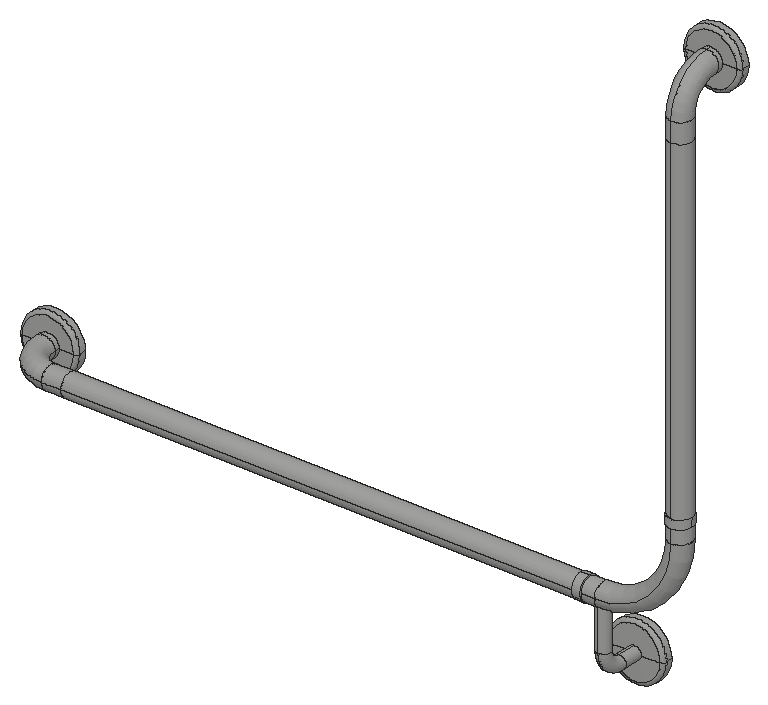
Revit family "RBA4806-901", category Plumbing Fixtures, Revit 2021
Family settings
  Round Connector Dimension = Use Diameter
  Part Type = Normal
  Work Plane-Based = No
  Always vertical = Yes
  Cut with Voids When Loaded = No
  Shared = No
  Room Calculation Point = No
Parameters
  Watermarked By = "www.rba.com.au"
  URL = "www.rba.com.au"
  R_Void [instance] = 15.00 mm
  R [instance] = 0.00 mm
  Phone Number = ""
  Modified Issue = "20180918.01"
  Model = "RBA4090-901"
  Materials and Finishes = Brushed Gunmetal
  Manufacturer Model = "B819436"
  Manufacturer = "RBA Group"
  Description = "90° Angled Grab Rails"
  Default Elevation = 0.00 mm
  Copyrighted by = "RBA Group"  # constant formula
  Assembly Code = ""
Reference planes
  plane 1 "Center (Front/Back)": y = 0
  plane 2: z = 0
  plane 3: x = 40.5
  plane 4: z = -30
  plane 5: z = 30
  plane 6: x = 70.5
  plane 7: x = 10.5
  plane 8: x = 990.5
  plane 9: x = 515.5
  plane 10: z = 670
  plane 11: z = 730
  plane 12: x = 960.5
  plane 13: x = 1020.5
  plane 14: z = 700
  plane 15: z = -130
  plane 16: z = -70
  plane 17: x = 910.5
  plane 18: x = 850.5
  plane 19: x = 835.5
  plane 20: z = -100
  plane 21: x = 974.5
  plane 22: z = 16
  plane 23: y = -70
  plane 24: y = -86
  plane 25: y = -54
  plane 26: y = -79.5
  plane 27: y = -60.5
Forms (mm)
  Extrusion 1, solid, material "Stainless Steel #304 Satin Finish"
    sketch origin (40.5, -2.628, 315.907) x (0, 0, -1) y (-1, 0, 0)
      loop
        circle (315.907, 0) r 40
    from -0.219 to 2.628
  Revolve 2, solid, material "Brushed Gunmetal" <- "Materials and Finishes"
    sketch origin (40.5, 18.663, 0) x (0, -1, 0) y (1, 0, 0)
      loop
        line (18.663, 0) -> (18.663, -41.5) -> (27.844, -41.5)
        arc (27.844, -41.5) -> (31.337, -40.077) -> (32.842, -36.617) r 5
        line (32.842, -36.617) -> (33.701, 0) -> (18.663, 0)
      axis (18.663, 0) -> (33.701, 0)
    angle from 0 to 360
  Extrusion 3, void
    sketch origin (40.5, 34.941, 315.907) x (0, 0, -1) y (-1, 0, 0)
      loop
        circle (315.907, -30) r 5
      loop
        circle (315.907, 30) r 5
    from -37.788 to -30
  Sweep 4, solid, material "Brushed Gunmetal" <- "Materials and Finishes"
    path origin (40.5, 12.454, 0) x (0, -1, 0) y (-1, 0, 0)
      loop
        line (12.454, 0) -> (34.454, 0)
        arc (34.454, 0) -> (68.395, -14.059) -> (82.454, -48) r 48
        line (82.454, -48) -> (82.454, -76)
    profile origin (40.5, -11, 0) x (1, 0, 0) y (0, 0, 1)
      loop
        circle (0, 0) r 16
  Extrusion 5, solid, material "Stainless Steel #304 Satin Finish"
    sketch origin (990.5, -2.628, 1015.907) x (0, 0, -1) y (-1, 0, 0)
      loop
        circle (315.907, 0) r 40
    from -0.219 to 2.628
  Extrusion 6, void
    sketch origin (990.5, 34.941, 1015.907) x (0, 0, -1) y (-1, 0, 0)
      loop
        circle (315.907, 30) r 5
      loop
        circle (315.907, -30) r 5
    from -37.788 to -30
  Sweep 7, solid, material "Brushed Gunmetal" <- "Materials and Finishes"
    path origin (1690.5, 12.454, 700) x (0, -1, 0) y (0, 0, 1)
      loop
        line (12.454, 0) -> (34.454, 0)
        arc (34.454, 0) -> (68.395, -14.059) -> (82.454, -48) r 48
        line (82.454, -48) -> (82.454, -76)
    profile origin (1690.5, -11, 700) x (0, 0, 1) y (-1, 0, 0)
      loop
        circle (0, 700) r 16
  Revolve 8, solid, material "Brushed Gunmetal" <- "Materials and Finishes"
    sketch origin (990.5, 18.663, 700) x (0, -1, 0) y (1, 0, 0)
      loop
        line (18.663, 0) -> (33.701, 0) -> (32.842, 36.617)
        arc (32.842, 36.617) -> (31.337, 40.077) -> (27.844, 41.5) r 5
        line (27.844, 41.5) -> (18.663, 41.5) -> (18.663, 0)
      axis (18.663, 0) -> (33.701, 0)
    angle from 0 to 360
  Sweep 9, solid, material "Brushed Gunmetal" <- "Materials and Finishes"
    path origin (0, 0, 0) x (1, 0, 0) y (0, 0, 1)
      loop
        line (116.5, 0) -> (880.5, 0)
        arc (880.5, 0) -> (958.282, 32.218) -> (990.5, 110) r 110
        line (990.5, 110) -> (990.5, 624)
    profile origin (498.5, 0, 0) x (0, 0, 1) y (0, -1, 0)
      loop
        circle (0, 70) r 16
  Extrusion 10, solid, material "Stainless Steel #304 Satin Finish"
    sketch origin (880.5, -2.628, 215.907) x (0, 0, -1) y (-1, 0, 0)
      loop
        circle (315.907, 0) r 40
    from -0.219 to 2.628
  Revolve 11, solid, material "Brushed Gunmetal" <- "Materials and Finishes"
    sketch origin (880.5, 18.663, -100) x (0, -1, 0) y (1, 0, 0)
      loop
        line (18.663, 0) -> (18.663, -41.5) -> (27.844, -41.5)
        arc (27.844, -41.5) -> (31.337, -40.077) -> (32.842, -36.617) r 5
        line (32.842, -36.617) -> (33.701, 0) -> (18.663, 0)
      axis (18.663, 0) -> (33.701, 0)
    angle from 0 to 360
  Sweep 12, solid, material "Brushed Gunmetal" <- "Materials and Finishes"
    path origin (880.5, 12.454, -100) x (0, -1, 0) y (0, 0, -1)
      loop
        line (12.454, 0) -> (54.454, 0)
        arc (54.454, 0) -> (74.253, -8.201) -> (82.454, -28) r 28
        line (82.454, -28) -> (82.454, -100)
    profile origin (880.5, -21, -100) x (0, 0, -1) y (1, 0, 0)
      loop
        circle (0, 0) r 9.5
  Extrusion 13, void
    sketch origin (880.5, 34.941, 215.907) x (0, 0, -1) y (-1, 0, 0)
      loop
        circle (315.907, -30) r 5
      loop
        circle (315.907, 30) r 5
    from -37.788 to -30
  Extrusion 14, solid, material "Brushed Gunmetal" <- "Materials and Finishes"
    sketch origin (0, 0, 0) x (1, 0, 0) y (0, 1, 0)
      loop
        circle (990.5, -70) r 17
    from 142 to 130
  Extrusion 15, solid, material "Brushed Gunmetal" <- "Materials and Finishes"
    sketch origin (650.5, 0, 990.5) x (0, 0, -1) y (0, 1, 0)
      loop
        circle (990.5, -70) r 17
    from 210 to 198
Cuts and joins
  Extrusion 3, Extrusion 6, Extrusion 13 cuts Extrusion 1
  Extrusion 3, Extrusion 6, Extrusion 13 cuts Revolve 2
  Extrusion 13 cuts Sweep 4
  Extrusion 6 cuts Revolve 8
  Extrusion 13 cuts Revolve 11
  joined: Revolve 2, Sweep 4, Sweep 7, Revolve 8, Sweep 9, Revolve 11, Sweep 12
  Extrusion 6 cuts Extrusion 5
  Extrusion 13 cuts Extrusion 10
Dimensions and locks
  Revolve 2 sketch curve to Revolve 2 sketch curve = 41.50 mm
  plane 5 to level to plane 4 = 30.00 mm, 30.00 mm
  plane 7 to plane 6 = 60.00 mm
  plane 11 to plane 10 = 60.00 mm
  plane 12 to plane 13 = 60.00 mm
  Revolve 8 sketch curve to Revolve 8 sketch curve = 41.50 mm
  Revolve 11 sketch curve to Revolve 11 sketch curve = 41.50 mm
  plane 16 to plane 15 = 60.00 mm
  plane 18 to plane 17 = 60.00 mm
  level to plane 20 = 100.00 mm
  plane 14 to level = 700.00 mm
  plane 8 to plane 19 = 155.00 mm
  plane 8 to plane 3 = 950.00 mm
  radius of Extrusion 1 sketch curve = 40.00 mm
  radius of Sweep 4 sketch curve = 16.00 mm
  radius of Extrusion 5 sketch curve = 40.00 mm
  radius of Sweep 7 sketch curve = 16.00 mm
  radius of Extrusion 10 sketch curve = 40.00 mm
  radius of Sweep 12 sketch curve = 9.50 mm
  aligned and locked: Revolve 2 to Extrusion 1
  aligned and locked: Revolve 11 to Extrusion 10
